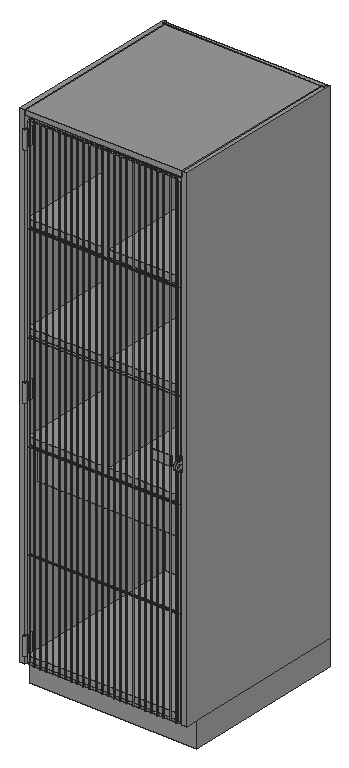
Revit family "TMI_M3016-Music_Wire Grille Doors1", category Casework, Revit 2016 (continued)
Definition of nested family "Individual Wire Grille Doors 27in Wide x2"
  Automatic sketch dimensions
    Extrusion 11 sketch curve to plane 41 = 0"
    Extrusion 11 sketch curve to plane 42 = 0"
    Extrusion 12 sketch curve to plane 43 = 0"
    Extrusion 12 sketch curve to plane 44 = 0"
    Extrusion 13 sketch curve to plane 45 = 0"
    Extrusion 13 sketch curve to plane 46 = 0"
    curve 2 to plane 9 = 0"
    plane 12 to curve 2 = 0"
    curve 1 to plane 8 = 0"
    plane 12 to curve 1 = 0"
    curve 2 to plane 14 = 0"
    curve 2 to plane 16 = 0"
    radius of Extrusion 2 sketch curve = 1/8"
    radius of Extrusion 3 sketch curve = 1/16"
    radius of Extrusion 4 sketch curve = 1/16"
    radius of Extrusion 5 sketch curve = 1/16"
    radius of Extrusion 6 sketch curve = 1/16"
    radius of Extrusion 7 sketch curve = 1/16"
    radius of Extrusion 8 sketch curve = 1/16"
    radius of Extrusion 9 sketch curve = 1/16"
    radius of Extrusion 10 sketch curve = 1/16"
    radius of Extrusion 11 sketch curve = 1/16"
    radius of Extrusion 12 sketch curve = 1/16"
    radius of Extrusion 13 sketch curve = 1/16"
  Nested families (in)
    nested 1: "Pad Lock" at (5.81888, -0.33984, 7.81353), type "Pad Lock"
    nested 2: "Pad Lock" at (6.13138, -0.33984, 7.81353), type "Pad Lock"
    nested 3: "5k hinge (music)" at (-6.0304, 0.76369, 11.40625) x (-1, 0, 0) z (0, 0, 1), type "5k hinge (music)"
      with Width 16"
    nested 4: "5k hinge (music)" at (-6.0304, 0.76369, 1.40625) x (-1, 0, 0) z (0, 0, 1), type "5k hinge (music)"
      with Width 16"
  Definition of nested family "Pad Lock"
    Reference planes (in)
      plane 1 "Center (Front/Back)": y = 0
      plane 2: z = 0
      plane 3 "Center (Left/Right)": x = 0
      plane 4: z = 1.125
      plane 5: z = -1.125
      plane 6: y = -1.125
      plane 7: y = 0.625
      plane 8: y = -0.5625
      plane 9: x = 0.0625
    Forms (in)
      Extrusion 1, solid
        sketch origin (0, 0.00036, 0.01611) x (0, 0, 1) y (0, -1, 0)
          loop
            line (0.98389, 0) -> (0.56967, 0) -> (0.56967, 0.56286)
            arc (0.56967, 0.56286) -> (0, 1.13253) -> (-0.56967, 0.56286) r 0.56967
            line (-0.56967, 0.56286) -> (-0.56967, 0) -> (-1.01611, 0)
            arc (-1.01611, 0) -> (-1.1045, -0.03661) -> (-1.14111, -0.125) r 0.125
            line (-1.14111, -0.125) -> (-1.14111, -0.62464) -> (1.10889, -0.62464) -> (1.10889, -0.125)
            arc (1.10889, -0.125) -> (1.07227, -0.03661) -> (0.98389, 0) r 0.125
          loop
            circle (0, 0.56286) r 0.375
        from 0 to 0.0625
    Dimensions and locks (in)
      locked: plane 4 to plane 5 at 2.25
      locked: plane 6 to plane 7 at 1.75
      locked: plane 9 to plane 3 "Center (Left/Right)" at 0.0625
      equal spacing: plane 1 "Center (Front/Back)", plane 8, plane 6
      locked: plane 7 to plane 1 "Center (Front/Back)" at 0.625
      equal spacing: plane 5, plane 2, plane 4
      aligned and locked: plane 2 to level
      aligned and locked: plane 9 to Extrusion 1
    Automatic sketch dimensions
      Extrusion 1 sketch curve to Extrusion 1 sketch curve = 0"  (x2)
      Extrusion 1 sketch curve to plane 5 = 0"
      Extrusion 1 sketch curve to plane 8 = 0"
      plane 4 to Extrusion 1 sketch curve = 0"
      Extrusion 1 sketch curve to plane 7 = 0"
      Extrusion 1 sketch curve to plane 1 "Center (Front/Back)" = 0.00036"
      plane 5 to Extrusion 1 sketch curve = 1/8"
      Extrusion 1 sketch curve to level = 0.55355"
      level to Extrusion 1 sketch curve = 0.01611"
      Extrusion 1 sketch curve to Extrusion 1 sketch curve = 1/8"
      Extrusion 1 sketch curve to plane 1 "Center (Front/Back)" = 0.12536"
      radius of Extrusion 1 sketch curve = 3/8"
  Definition of nested family "5k hinge (music)"
    Parameters (values of type "5k hinge (music)")
      door thickness = 1"
      Width [instance] = 16"
      Hinge Distance from Door = 9/16"
      5K hinge size = 2 13/16"
    Reference planes (in)
      plane 1 "Center (Front/Back)": y = 0
      plane 2: z = 0
      plane 3 "Center (Left/Right)": x = 0
      plane 4: x = -0.15625
      plane 5: y = -1
      plane 6: y = -0.5
      plane 7: y = -1.5625
      plane 8: y = -1.28125
      plane 9: x = 0.15625
      plane 10: z = 2.8125
      plane 11: z = 1.40625
      plane 12: x = -0.21875
    Forms (in)
      Extrusion 1, solid
        sketch origin (-8.15625, 0, 0) x (1, 0, 0) y (0, 1, 0)
          loop
            line (8.15625, -1) -> (8.15625, -1.04949)
            arc (8.15625, -1.04949) -> (7.85521, -1.421) -> (8.3125, -1.28125) r 0.25
            line (8.3125, -1.28125) -> (8.3125, 0) -> (8.15625, 0) -> (7.9375, 0) -> (7.9375, -1) -> (8.15625, -1)
        from 0 to 2.8125
    Dimensions and locks (in)
      equal spacing: plane 1 "Center (Front/Back)", plane 6, plane 5
      "Hinge Distance from Door": plane 5 to plane 7
      equal spacing: plane 5, plane 8, plane 7
      "5K hinge size": plane 10 to plane 2
      "door thickness": plane 1 "Center (Front/Back)" to plane 5
      equal spacing: plane 10, plane 11, plane 2
      equal spacing: plane 4, plane 3 "Center (Left/Right)", plane 9
      plane 4 to plane 9 = 5/16"
      plane 12 to plane 4 = 1/16"
      aligned and locked: plane 2 to level
      aligned and locked: plane 5 to Extrusion 1 sketch curve
      aligned and locked: Extrusion 1 to plane 10
      aligned and locked: plane 9 to Extrusion 1
      aligned and locked: Extrusion 1 to plane 2
      aligned and locked: plane 12 to Extrusion 1 sketch curve
    Automatic sketch dimensions
      Extrusion 1 sketch curve to plane 8 = 0"
      plane 1 "Center (Front/Back)" to Extrusion 1 sketch curve = 0"
      Extrusion 1 sketch curve to plane 9 = 0"
      plane 4 to Extrusion 1 sketch curve = 1/16"
      Extrusion 1 sketch curve to plane 3 "Center (Left/Right)" = 0"  (x2)
Types (2): name | Description | Depth
  27" x 84-1/2" x 29" | "Alto Saxophone, Cornet, Trumpet *Top*, Alto Horn, French Horn, Share Drum *Bottom*" | 29"
  27" x 84-1/2" x 39" | "Alto Clarinet, Bassoon, Bass Clarinet, Tenor Saxophone, Trombone, Violin, Viola *Top* Piccolo, Baritone, Euphonium, Mellophone *Bottom*" | 39"
